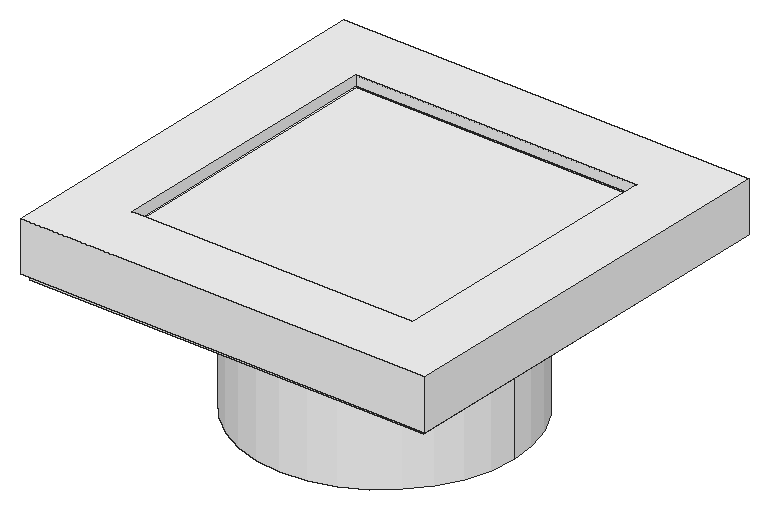
Revit family "Gira_013603", category Electrical Fixtures, host Face, Revit 2017
Family settings
  Host = Face
  Maintain Annotation Orientation = Yes
  Round Connector Dimension = Use Diameter
  Part Type = Normal
  Cut with Voids When Loaded = No
  Shared = No
  Room Calculation Point = No
Parameters (values of type "PB ind.sw. off/2-way System 55 p.white")
  With mounting plate = "No"
  Wiring system = "Two-way switch"
  White [instance] = White
  Washing machine switch = "No"
  URL = "http://katalog.gira.de/en/datenblatt.html?artikelnr=013603"
  Type of lighting = "Glow lamp"
  Type of fastening = "Mounting with claw and screw"
  Surface protection = "Other"
  Surface finishing = "Glossy"
  Suitable for degree of protection (IP) = "IP20"
  Rated current = "10"
  RAL-number (akin) = "9010"
  Push button switch = "Yes"
  Number of rockers = "1"
  Number of modules (module system) = "1"
  Nominal voltage = "250"
  Name = "PB ind.sw. off/2-way System 55 p.white"
  Mounting method = "Flush mounted (plaster)"
  Model = "Sys55_Komplettgerät_Schalten und Tasten"
  Method of operation = "Rocker/button"
  Material quality = "Thermoplastic"
  Material = "Plastic"
  Manufacturer URL = "https://www.gira.de/"
  Manufacturer = "Gira"
  Label space/information surface = "No"
  Illumination = "Yes"
  HeinzeBIM = "https://bimportal.heinze.de/bim/pb-ind-sw-off-2-way-system-55-p-white/97177e39f0d81db1de3ab24250c0fdc85b6e46a1"
  Halogen free = "Yes"
  HAN = "013603"
  GTIN = "4010337136033"
  Function lighting = "Illuminated (on)"
  Feedback-signal contact = "No"
  Description = "PB ind.sw.off 2-w Sys55 PW,Pushbutton indicator switch 10 AX 250 V~ with rocker,Universal off 2-way switch,pure white glossy,Notes :,- Can also be connected with illumination."
  Default Elevation = 1219.2 mm
  Data sheet (1) = "https://katalog.gira.de/en/download.html?artikelnr=013603"
  Connection type = "Plug clamp"
  Colour = "White"
  Category = "Switch"
  BIM (1) = "https://media.stage.bim.site/public/gira/36a6b08/Sys55_Komplettgerät_Schalten und Tasten.rfa?public/gira/36a6b08/Sys55_Komplettgerät_Schalten und Tasten.rfa"
  Available = "No"
  Assembly arrangement = "Basic element with central cover plate"
Reference planes
  plane 1 "Center (Front/Back)": y = 0
  plane 2: z = 0
  plane 3 "Center (Left/Right)": x = 0
Forms (mm)
  Extrusion 1, solid, material "White" <- "White", detail levels medium
    sketch origin (0, 0, 0) x (1, 0, 0) y (0, 1, 0)
      loop
        line (-40.4, 40.4) -> (-40.4, -40.4) -> (40.4, -40.4) -> (40.4, 40.4) -> (-40.4, 40.4)
      loop
        line (-28, 28) -> (-28, -28) -> (28, -28) -> (28, 28) -> (-28, 28)
    from 0 to 10
  Extrusion 2, solid, material "White" <- "White", detail levels fine
    sketch origin (0, 0, 0) x (1, 0, 0) y (0, 1, 0)
      loop
        line (-40.4, 40.4) -> (-40.4, -40.4) -> (40.4, -40.4) -> (40.4, 40.4) -> (-40.4, 40.4)
      loop
        line (-28, 28) -> (-28, -28) -> (28, -28) -> (28, 28) -> (-28, 28)
    from 0 to 10
  Extrusion 3, void
    sketch origin (0, 0, 0) x (1, 0, 0) y (0, 1, 0)
      loop
        line (-38.4, 38.4) -> (-38.4, -38.4) -> (38.4, -38.4) -> (38.4, 38.4) -> (-38.4, 38.4)
    from 0 to 8
  Extrusion 4, solid, material "White" <- "White", detail levels medium+fine
    sketch origin (0, 0, 0) x (1, 0, 0) y (0, 1, 0)
      loop
        line (-39.4, 39.4) -> (-39.4, -39.4) -> (39.4, -39.4) -> (39.4, 39.4) -> (-39.4, 39.4)
    from 0 to -1
  Extrusion 5, solid, material "White" <- "White", detail levels medium+fine
    sketch origin (0, 0, 0) x (1, 0, 0) y (0, 1, 0)
      loop
        line (-35.5, 35.5) -> (-35.5, -35.5) -> (35.5, -35.5) -> (35.5, 35.5) -> (-35.5, 35.5)
    from -2 to -3
  Extrusion 6, solid, material "White" <- "White", detail levels medium+fine
    sketch origin (0, 0, 0) x (1, 0, 0) y (0, 1, 0)
      loop
        circle (0, 0) r 26
    from 0 to -27.5
  Extrusion 7, solid, material "White" <- "White", detail levels coarse
    sketch origin (0, 0, 0) x (1, 0, 0) y (0, 1, 0)
      loop
        line (-40.4, 40.4) -> (-40.4, -40.4) -> (40.4, -40.4) -> (40.4, 40.4) -> (-40.4, 40.4)
    from -27.5 to 10
Cuts and joins
  Extrusion 3 cuts Extrusion 2
Dimensions and locks
  aligned and locked: plane 2 to host face
  aligned and locked: level to host face
  aligned and locked: plane 3 "Center (Left/Right)" to nested 2
  aligned and locked: plane 1 "Center (Front/Back)" to nested 2
Nested families
  nested 1: "Sys55_Abdeckung_Schalten und Tasten_floor_base" at (0, 0, 0), type "Sys55_Abdeckung_Schalten und Tasten_floor_base"
  nested 2: "Schalter" at (0, 0, 0), type "Schalter"
Connectors
  electrical at (0, 0, -27.5)
    settings: on Extrusion 6, index 1, voltage 220 V, apparent load 0 VA, apparent load phase1 0 VA, apparent load phase2 0 VA, apparent load phase3 0 VA, power factor 1, load classification "Other", number of poles 1, system type 30, power factor state 1, is connector primary yes, connector utility no, sub classification motor no, connector description ""
Definition of nested family "Sys55_Abdeckung_Schalten und Tasten_floor_base"
  Parameters
    Default Elevation = 1219.2 mm
    White [instance] = none
  Reference planes
    plane 1 "Center (Front/Back)": y = 0
    plane 2: z = 0
    plane 3 "Center (Left/Right)": x = 0
  Forms (mm)
    Extrusion 1, solid
      sketch origin (0, 0, 0) x (1, 0, 0) y (0, 1, 0)
        loop
          line (-1219.2, 1219.2) -> (-1219.2, -1219.2) -> (1219.2, -1219.2) -> (1219.2, 1219.2) -> (-1219.2, 1219.2)
      from 0 to -304.8
    Extrusion 2, solid, material <- "White", detail levels fine
      sketch origin (0, 0, 0) x (1, 0, 0) y (0, 1, 0)
        loop
          line (-27.5, 27.5) -> (-27.5, -27.5) -> (27.5, -27.5) -> (27.5, 27.5) -> (-27.5, 27.5)
      from 0 to 8
    Extrusion 3, void
      sketch origin (0, 0, 0) x (1, 0, 0) y (0, 1, 0)
        loop
          line (26, 26) -> (-26, 26) -> (-26, -26) -> (26, -26) -> (26, 26)
      from 0 to 6
    Extrusion 4, solid, material <- "White", detail levels medium
      sketch origin (0, 0, 0) x (1, 0, 0) y (0, 1, 0)
        loop
          line (-27.5, 27.5) -> (-27.5, -27.5) -> (27.5, -27.5) -> (27.5, 27.5) -> (-27.5, 27.5)
      from 0 to 8
    Extrusion 5, solid, material <- "White", detail levels medium
      sketch origin (0, 0, 0) x (1, 0, 0) y (0, 1, 0)
        loop
          line (11, -17.5) -> (11, 17.5) -> (-11, 17.5) -> (-11, -17.5) -> (11, -17.5)
      from -6 to 6
    Extrusion 6, solid, material <- "White", detail levels fine
      sketch origin (0, 0, 0) x (1, 0, 0) y (0, 1, 0)
        loop
          line (11, 17.5) -> (-11, 17.5) -> (-11, 16.5) -> (11, 16.5) -> (11, 17.5)
        loop
          line (-11, -16.5) -> (-11, -17.5) -> (11, -17.5) -> (11, -16.5) -> (-11, -16.5)
      from -4 to 6
    Extrusion 7, solid, material <- "White", detail levels fine
      sketch origin (0, 0, 0) x (1, 0, 0) y (0, 1, 0)
        loop
          arc (5, 9.347) -> (0, 10.6) -> (-5, 9.347) r 10.6
          line (-5, 9.347) -> (-5, -9.347)
          arc (-5, -9.347) -> (0, -10.6) -> (5, -9.347) r 10.6
          line (5, -9.347) -> (5, 9.347)
      from -6 to 6
    Extrusion 8, solid, material <- "White", detail levels coarse
      sketch origin (0, 0, 0) x (1, 0, 0) y (0, 1, 0)
        loop
          line (-27.5, 27.5) -> (-27.5, -27.5) -> (27.5, -27.5) -> (27.5, 27.5) -> (-27.5, 27.5)
      from -6 to 8
  Cuts and joins
    Extrusion 3 cuts Extrusion 2
  Dimensions and locks
    aligned and locked: plane 2 to Extrusion 1
    aligned and locked: level to Extrusion 1
Definition of nested family "Schalter"
  Reference planes
    plane 1: y = 0
    plane 2: x = 0
  Lines and regions (mm)
    detail lines
      curve 1: circle (1.375, 2.778, 0) r 0.8 normal (0, 0, 1)
      curve 2: line (1.021, 2.061, 0) -> (0, 0, 0)
      curve 3: line (0, 0, 0) -> (-0.538, 0.266, 0)
  Dimensions and locks
    curve 2 to curve 2 = 2.3 mm
    curve 3 to curve 2 = 0.6 mm
    radius of curve 1 = 0.8 mm
